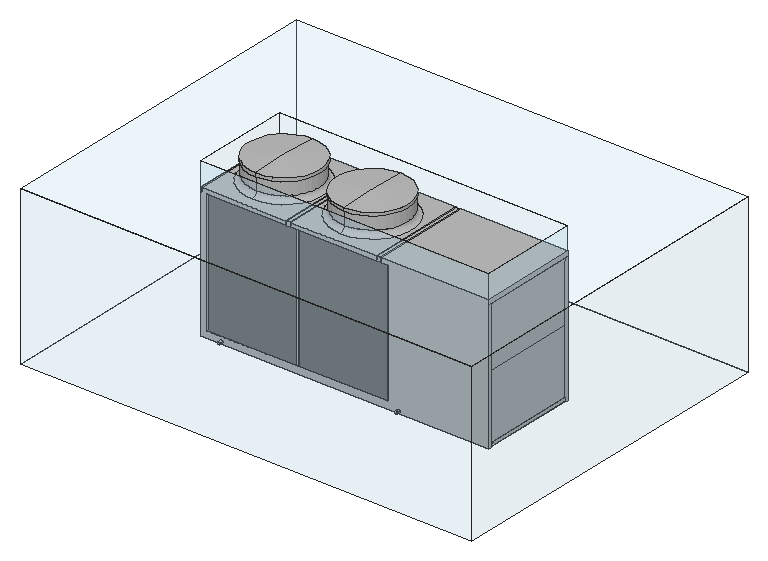
Revit family "VIESSMANN - Energycal AW Pro MT", category Wyposażenie mechaniczne, Revit 2017
Family settings
  Wymiar okrągłego złącza = Użyj średnicy
  Typ części = Normalny
  Numer OmniClass = 23.75.10.21.11
  Tytuł OmniClass = Air-Source Heat Pumps
  Oparty na płaszczyźnie roboczej = Nie
  Zawsze pionowo = Tak
  Tnij formami wycięć po wczytaniu = Nie
  Współdzielony = Nie
  Punkt obliczania pomieszczeń = Nie
Parameters (values of type "Wielkość jednostki - 95")
  Zasilanie pomocnicze (V/ph/Hz) = "230/1~/50+5%"
  Zasilanie elektryczne (V/ph/Hz) = "400/3~/50+5%"
  Wysokość jednostki SLN = 1912 mm
  Wysokość = 1912 mm
  Współczynnik mocy = 1
  Współczynnik efektywności [COP] (A7W45) = 3.38
  Viessmann Kolor 2 = Viessmann Kolor 3
  Viessmann Kolor 1 = Viessmann Kolor 2
  URL = "https://www.viessmann-projektant.pl/baza-urzadzen/pompy-ciepla-powietrzewoda-agregaty-wl-50-kw/energycal"
  Typ wymiennika po stronie grzewczej = "Płytowy"
  Typ wentylatora = "Osiowy"
  Typ sprężarki = "Spiralna"
  TYP = AW PRO MT : AW PRO MT 95-160
  Strefa serwisowa [instance] = yes
  Stopień wydajności = "2"
  Spadek ciśnienia wody (A7W45) = 41.0 kPa
  Robocza wysokość podnoszenia pompy (A7W45) = 178.0 kPa
  Prąd nominalny wentylatora = 3.9 A
  Prąd nominalny silnika pompy obiegowej = 4.98 A
  Przepływ powietrza = 44000.0 m³/h
  Producent = "Viessmann Sp. z o.o"  # constant formula
  Połączenia hydrauliczne = 2 1/2"
  Poziom mocy akustycznej dB(A) = 84 mm
  Poziom mocy akustycznej - wersja super cicha SLN dB(A) = 79 mm
  Poziom mocy akustycznej - wersja cicha LN dB(A) = 82 mm
  Poziom ciśnienia akustycznego dB(A) = 56 mm
  Poziom ciśnienia akustycznego - wersja super cicha SLN dB(A) = 51 mm
  Poziom ciśnienia akustycznego - wersja cicha LN dB(A) = 54 mm
  Pojemność zbiornika magazynowego = 200.00 m³
  Pojemność wodna = 6.20 m³
  Pobór mocy elektrycznej (A7W45) = 27.7 kW
  Opis = "Energycal AW Pro MT jest serią pomp ciepła o zakresie mocy od 94 do 244 kW w grupie R410A, z dwoma odrębnymi obiegami czynnika chłodniczego w celu zmaksymalizowania niezawodności."  # constant formula
  Obciążenie pozorne = Maksymalna moc pobierania / Współczynnik mocy  # 39000 VA
  Nominalna moc pompy = 1.9 kW
  Nominalna moc grzewcza (A7W45) = 93.7 kW
  Natężenie przepływu wody (A7W45) l/h = 15883
  Natężenie przepływu wody (A7W45) = [Natężenie przepływu wody (A7W45) l/h] / 3600 * 1.0 L/s  # 4.41194 L/s
  Napięcie zasilania = 400 V
  Naczynie wzbiorcze = 18.00 m³
  Model pompy = "P1"
  Model = "Powietrzna pompa ciepła Energycal AW PRO MT / Air-water heat pump Energycal AW PRO MT "  # constant formula
  Moc nominalna wentylatora = 1.6 kW
  Moc nominalna silnika pompy obiegowej = 1.85 kW
  Maksymalny prąd rozruchowy z układem Soft-Starter = 128.4 A
  Maksymalny prąd rozruchowy = 214 A
  Maksymalny pobór prądu = 68.2 A
  Maksymalna moc pobierania = 39 kW
  Liczba wentylatorów = 2
  Liczba biegunów = 3  # constant formula
  Klasa efektywności (A7W45) = "A"
  Ilość/Obiegi chłodnicze sprężarki (nr/nr) = "2/2"
  Głębokość jednostki SLN = 1208 mm
  Głębokość = 1208 mm
  Długość jednostki SLN = 3508 mm
  Długość = 3508 mm
  Częstotliwość = 50 Hz  # constant formula
  Ciężar w czasie pracy jednostki SLN = 1175.00 kg
  Ciężar w czasie pracy = 966.00 kg
  Ciężar transportowy jednostki SLN = 1167.00 kg
  Ciężar transportowy = 960.00 kg
  Całkowite napełnienie olejem = 5.40 kg
  Całkowite napełnienie czynnikiem chłodniczym = 30.80 kg
  Autor = "www.archispace.pl"
Types (11, lengths in mm): name | Wysokość jednostki SLN | Współczynnik efektywności [COP] (A7W45) | TYP | Spadek ciśnienia wody (A7W45) | Robocza wysokość podnoszenia pompy (A7W45) | Prąd nominalny silnika pompy obiegowej | Przepływ powietrza | Poziom mocy akustycznej dB(A) | Poziom mocy akustycznej - wersja super cicha SLN dB(A) | Poziom mocy akustycznej - wersja cicha LN dB(A) | Poziom ciśnienia akustycznego dB(A) | Poziom ciśnienia akustycznego - wersja super cicha SLN dB(A) | Poziom ciśnienia akustycznego - wersja cicha LN dB(A) | Pojemność zbiornika magazynowego | Pojemność wodna | Pobór mocy elektrycznej (A7W45) | Obciążenie pozorne | Nominalna moc pompy | Nominalna moc grzewcza (A7W45) | Natężenie przepływu wody (A7W45) l/h | Natężenie przepływu wody (A7W45) | Model pompy | Moc nominalna silnika pompy obiegowej | Maksymalny prąd rozruchowy z układem Soft-Starter | Maksymalny prąd rozruchowy | Maksymalny pobór prądu | Maksymalna moc pobierania | Liczba wentylatorów | Głębokość jednostki SLN | Długość jednostki SLN | Długość | Ciężar w czasie pracy jednostki SLN | Ciężar w czasie pracy | Ciężar transportowy jednostki SLN | Ciężar transportowy | Całkowite napełnienie olejem | Całkowite napełnienie czynnikiem chłodniczym
  Wielkość jednostki - 95 | 1912 | 3.38 | AW PRO MT : AW PRO MT 95-160 | 41.0 kPa | 178.0 kPa | 4.98 A | 44000.0 m³/h | 84 | 79 | 82 | 56 | 51 | 54 | 200.00 m³ | 6.20 m³ | 27.7 kW | 39000 VA | 1.9 kW | 93.7 kW | 15883 | 4.41194 L/s | "P1" | 1.85 kW | 128.4 A | 214 A | 68.2 A | 39 kW | 2 | 1208 | 3508 | 3508 | 1175.00 kg | 966.00 kg | 1167.00 kg | 960.00 kg | 5.40 kg | 30.80 kg
  Wielkość jednostki - 110 | 1912 | 3.3 | AW PRO MT : AW PRO MT 95-160 | 44.0 kPa | 164.0 kPa | 4.98 A | 44000.0 m³/h | 84 | 79 | 82 | 56 | 51 | 54 | 200.00 m³ | 7.30 m³ | 33.4 kW | 47100 VA | 1.9 kW | 110.3 kW | 18721 | 5.20028 L/s | "P1" | 1.85 kW | 148.8 A | 248 A | 82 A | 47.1 kW | 2 | 1208 | 3508 | 3508 | 1374.00 kg | 1110.00 kg | 1365.00 kg | 1103.00 kg | 8.00 kg | 36.30 kg
  Wielkość jednostki - 130 | 1912 | 3.25 | AW PRO MT : AW PRO MT 95-160 | 43.0 kPa | 152.0 kPa | 4.98 A | 44000.0 m³/h | 84 | 79 | 82 | 56 | 51 | 54 | 200.00 m³ | 8.40 m³ | 39.1 kW | 55200 VA | 1.9 kW | 126.9 kW | 21560 | 5.98889 L/s | "P1" | 1.85 kW | 148.8 A | 248 A | 82 A | 55.2 kW | 2 | 1208 | 3508 | 3508 | 1390.00 kg | 1175.00 kg | 1380.00 kg | 1167.00 kg | 10.60 kg | 41.80 kg
  Wielkość jednostki - 145 | 1912 | 3.31 | AW PRO MT : AW PRO MT 95-160 | 44.0 kPa | 138.0 kPa | 4.98 A | 44000.0 m³/h | 84 | 79 | 82 | 56 | 51 | 54 | 200.00 m³ | 9.30 m³ | 42.6 kW | 61200 VA | 1.9 kW | 140.8 kW | 23961 | 6.65583 L/s | "P1" | 1.85 kW | 157.1 A | 261.8 A | 104.8 A | 61.2 kW | 2 | 1208 | 4608 | 3508 | 1597.00 kg | 1374.00 kg | 1585.00 kg | 1365.00 kg | 10.60 kg | 46.40 kg
  Wielkość jednostki - 160 | 1912 | 3.36 | AW PRO MT : AW PRO MT 95-160 | 43.0 kPa | 126.0 kPa | 4.98 A | 44000.0 m³/h | 84 | 79 | 82 | 56 | 51 | 54 | 200.00 m³ | 10.20 m³ | 46.1 kW | 67200 VA | 1.9 kW | 154.8 kW | 26363 | 7.32306 L/s | "P1" | 1.85 kW | 130.7 A | 217.8 A | 113.8 A | 67.2 kW | 2 | 1208 | 4608 | 3508 | 1613.00 kg | 1390.00 kg | 1600.00 kg | 1380.00 kg | 10.60 kg | 51.10 kg
  Wielkość jednostki - 180 | 1912 | 3.52 | AW PRO MT : AW PRO MT 180-220 | 45.0 kPa | 141.0 kPa | 4.78 A | 66000.0 m³/h | 86 | 81 | 84 | 58 | 53 | 56 | 400.00 m³ | 11.60 m³ | 53.1 kW | 75800 VA | 2.2 kW | 176.2 kW | 30046 | 8.34611 L/s | "P2" | 2.2 kW | 211 A | 351.7 A | 130.7 A | 75.8 kW | 2 | 1208 | 4608 | 4608 | 1624.00 kg | 1597.00 kg | 1610.00 kg | 1585.00 kg | 10.60 kg | 58.20 kg
  Wielkość jednostki - 200 | 1912 | 3.38 | AW PRO MT : AW PRO MT 180-220 | 43.0 kPa | 127.0 kPa | 4.78 A | 66000.0 m³/h | 86 | 81 | 84 | 58 | 53 | 56 | 400.00 m³ | 13.10 m³ | 58.4 kW | 82800 VA | 2.2 kW | 197.6 kW | 33730 | 9.36944 L/s | "P2" | 2.2 kW | 218.8 A | 364.7 A | 143.7 A | 82.8 kW | 3 | 1208 | 4608 | 4608 | 1664.00 kg | 1613.00 kg | 1650.00 kg | 1600.00 kg | 10.60 kg | 65.40 kg
  Wielkość jednostki - 210 | 1912 | 3.37 | AW PRO MT : AW PRO MT 180-220 | 41.0 kPa | 122.0 kPa | 4.78 A | 66000.0 m³/h | 86 | 81 | 84 | 58 | 53 | 56 | 400.00 m³ | 13.70 m³ | 61.6 kW | 87800 VA | 2.2 kW | 207.4 kW | 35409 | 9.83583 L/s | "P2" | 2.2 kW | 218.8 A | 364.7 A | 153.7 A | 87.8 kW | 3 | 1208 | 5708 | 4608 | 1835.00 kg | 1624.00 kg | 1820.00 kg | 1610.00 kg | 10.60 kg | 68.60 kg
  Wielkość jednostki - 220 | 1912 | 3.36 | AW PRO MT : AW PRO MT 180-220 | 43.0 kPa | 112.0 kPa | 4.78 A | 66000.0 m³/h | 86 | 81 | 84 | 58 | 53 | 56 | 400.00 m³ | 14.40 m³ | 64.7 kW | 92800 VA | 2.2 kW | 217.1 kW | 37089 | 10.3025 L/s | "P2" | 2.2 kW | 212.8 A | 354.7 A | 163.7 A | 92.8 kW | 3 | 1208 | 5708 | 4608 | 1886.00 kg | 1664.00 kg | 1870.00 kg | 1650.00 kg | 10.60 kg | 71.90 kg
  Wielkość jednostki - 235 | 0 | 3.34 | AW PRO MT : AW PRO MT 235-250 | 40.0 kPa | 151.0 kPa | 4.78 A | 88000.0 m³/h | 89 | 0 | 87 | 61 | 0 | 59 | 400.00 m³ | 15.30 m³ | 68.9 kW | 92800 VA | 3 kW | 230.4 kW | 39364 | 10.9344 L/s | "P3" | 2.2 kW | 212.8 A | 354.7 A | 163.7 A | 92.8 kW | 4 | 0 | 0 | 5708 | 0.00 kg | 1835.00 kg | 0.00 kg | 1810.00 kg | 10.60 kg | 76.30 kg
  Wielkość jednostki - 250 | 0 | 3.51 | AW PRO MT : AW PRO MT 235-250 | 43.0 kPa | 151.0 kPa | 4.78 A | 88000.0 m³/h | 89 | 0 | 87 | 61 | 0 | 59 | 400.00 m³ | 16.10 m³ | 71.4 kW | 92800 VA | 3 kW | 243.6 kW | 41639 | 11.5664 L/s | "P3" | 2.2 kW | 212.8 A | 354.7 A | 163.7 A | 92.8 kW | 4 | 0 | 0 | 5708 | 0.00 kg | 1835.00 kg | 0.00 kg | 1810.00 kg | 10.60 kg | 80.70 kg
Reference planes
  plane 1 "Środek (Przód/Tył)": y = 0
  plane 2: z = 0
  plane 3 "Środek (Lewa/Prawa)": x = 0
  plane 4: y = -1208
  plane 5: x = 2754
  plane 6: y = 1500
  plane 7: y = -2708
  plane 8: x = 1754
  plane 9: x = -2754
  plane 10: x = -1754
  plane 11: y = -604
  plane 12: z = 1337
  plane 13: z = 945.243
Forms (mm)
  Extrusion 1, solid, material "Viessmann Strefy Serwisowe", visible <- "Strefa serwisowa"
    sketch origin (0, 0, 0) x (1, 0, 0) y (0, 0, 1)
      loop
        line (-1754, 1912) -> (-2754, 1912) -> (-2754, 0) -> (-1754, 0) -> (-1754, 1912)
      loop
        line (2754, 1912) -> (1754, 1912) -> (1754, 0) -> (2754, 0) -> (2754, 1912)
    from 0 to 1208
  Extrusion 2, solid, material "Viessmann Strefy Serwisowe", visible <- "Strefa serwisowa"
    sketch origin (0, 0, 0) x (1, 0, 0) y (0, 1, 0)
      loop
        line (-2754, 0) -> (2754, 0) -> (2754, 1500) -> (-2754, 1500) -> (-2754, 0)
      loop
        line (2754, -2708) -> (2754, -1208) -> (-2754, -1208) -> (-2754, -2708) -> (2754, -2708)
    from 0 to 1912
  Extrusion 3, solid, not visible
    sketch origin (0, 0, 0) x (0, 1, 0) y (0, 0, 1)
      loop
        circle (-604, 524) r 45
      loop
        circle (-604, 187) r 45
    from -1754 to -1683.52
  Extrusion 4, solid, not visible
    sketch origin (1754, -1208, 1630) x (0, 0, -1) y (0, 1, 0)
      loop
        circle (293, 604) r 45
      loop
        circle (684.757, 604) r 50
    from -401.823 to 0
Cuts and joins
  joined: Extrusion 1, Extrusion 2
Dimensions and locks
  locked: plane 1 "Środek (Przód/Tył)" to plane 6 at 1500
  plane 4 to plane 7 = 1500 mm
  locked: plane 8 to plane 5 at 1000
  locked: plane 9 to plane 10 at 1000
  plane 10 to plane 9 = 1000 mm
  "Długość": plane 10 to plane 8
  locked: Extrusion 3 to Extrusion 3 at 70.48
  locked: plane 8 to Extrusion 4 at 401.823
  equal spacing: plane 1 "Środek (Przód/Tył)", plane 11, plane 4
  locked: plane 13 to plane 2 at 945.243
  locked: plane 12 to plane 2 at 1337
  aligned and locked: level to plane 2
  aligned and locked: Extrusion 3 to plane 10
  aligned and locked: plane 8 to Extrusion 4
  aligned and locked: plane 11 to Extrusion 4 sketch curve  (x2)
  aligned and locked: plane 12 to Extrusion 4 sketch curve
  aligned and locked: plane 13 to Extrusion 4 sketch curve
Automatic sketch dimensions
  Extrusion 1 sketch curve to plane 9 = 0 mm
  Extrusion 1 sketch curve to level = 0 mm  (x2)
  Extrusion 1 sketch curve to plane 10 = 0 mm
  Extrusion 1 sketch curve to plane 8 = 0 mm
  Extrusion 1 sketch curve to plane 5 = 0 mm
  level to Extrusion 1 sketch curve = 1912 mm  (x2)
  Extrusion 2 sketch curve to plane 1 "Środek (Przód/Tył)" = 0 mm
  Extrusion 2 sketch curve to plane 9 = 0 mm  (x2)
  Extrusion 2 sketch curve to plane 7 = 0 mm
  Extrusion 2 sketch curve to plane 5 = 0 mm  (x2)
  Extrusion 2 sketch curve to plane 4 = 0 mm
  Extrusion 2 sketch curve to plane 6 = 0 mm
  level to Extrusion 3 sketch curve = 187 mm
  plane 1 "Środek (Przód/Tył)" to Extrusion 3 sketch curve = 604 mm
  Extrusion 3 sketch curve to Extrusion 3 sketch curve = 337 mm
  Extrusion 3 sketch curve to Extrusion 3 sketch curve = 45 mm  (x2)
  Extrusion 3 sketch curve to Extrusion 3 sketch curve = 0 mm
  Extrusion 3 sketch curve to plane 11 = 0 mm
  radius of Extrusion 4 sketch curve = 45 mm
  radius of Extrusion 4 sketch curve = 50 mm
Nested families
  nested 1: "AW PRO MT" at (0, 30, 0), type <- "TYP", type "AW PRO MT 95-160"
Connectors
  piping at (-1754, -604, 524), diameter 63.5, driven by "Połączenia hydrauliczne", driven by "Natężenie przepływu wody (A7W45)"
    settings: on Extrusion 3, index 7, connector inside diameter 24", connector length 0 mm, flow factor 0, pipe flow 4.41194 L/s, pressure drop 0.0 Pa, fitting loss kfactor 0, connector angle 0.00°, fixture units 0, engagement length 0 mm, angle of deflection 0.00°, flow configuration 1, flow direction 1, fitting loss method 0, system type 8, joint type 0, gender type 0, connector reference index -1, connector utility 0, adjustable connector no, is connector primary yes, connector description ""
  piping at (-1754, -604, 187), diameter 63.5, driven by "Natężenie przepływu wody (A7W45)", driven by "Połączenia hydrauliczne"
    settings: on Extrusion 3, index 8, connector inside diameter 24", connector length 0 mm, flow factor 0, pipe flow 4.41194 L/s, pressure drop 0.0 Pa, fitting loss kfactor 0, connector angle 0.00°, fixture units 0, engagement length 0 mm, angle of deflection 0.00°, flow configuration 1, flow direction 1, fitting loss method 0, system type 8, joint type 0, gender type 0, connector reference index -1, connector utility 0, adjustable connector no, is connector primary no, connector description ""
  electrical at (1754, -604, 945.243)
    settings: on Extrusion 4, index 9, voltage 0 V, apparent load 0 VA, apparent load phase1 0 VA, apparent load phase2 0 VA, apparent load phase3 0 VA, power factor 1, load classification "Inne", number of poles 1, system type 13, power factor state 1, is connector primary yes, connector utility no, sub classification motor no, connector description ""
  electrical at (1754, -604, 1337), driven by "Liczba biegunów", driven by "Napięcie zasilania", driven by "Pobór mocy elektrycznej (A7W45)", driven by "Współczynnik mocy"
    settings: on Extrusion 4, index 10, voltage 400 V, apparent load 27700 VA, apparent load phase1 0 VA, apparent load phase2 0 VA, apparent load phase3 0 VA, power factor 1, load classification "Inne", number of poles 3, system type 30, power factor state 1, is connector primary no, connector utility no, sub classification motor no, connector description ""
Definition of nested family "AW PRO MT"
  Parameters (values of type "AW PRO MT 180-220")
    Wysokość = 1912 mm
    URL = ""
    Szerokość = 1208 mm
    Manufacturer = ""
    Podłączenie Uout wysokość = 524 mm
    Podłączenie Uin wysokość = 187 mm
    Podłączenie Rout wysokość = 1337 mm
    Podłączenie Rin wysokość = 947 mm
    Description = ""
    Model = ""
    Materiał2 = none
    Materiał = none
    Długość = 4608 mm
    DWS = no
    4 = no
    3 = yes
  Types (3, lengths in mm): name | Długość | 4 | 3
    AW PRO MT 235-250 | 5708 | yes | yes
    AW PRO MT 95-160 | 3508 | no | no
    AW PRO MT 180-220 | 4608 | no | yes
  Reference planes
    plane 1 "Środek (Przód/Tył)": y = -30
    plane 2: z = 0
    plane 3 "Środek (Lewa/Prawa)": x = 0
    plane 4: y = -1238
    plane 5: z = 1630
    plane 6: x = 1754
    plane 7: x = 1714
    plane 8: z = 1912
    plane 9: y = -634
    plane 10: y = -634
    plane 11: x = -2854
    plane 12: x = -2863.898
    plane 13: x = -2851.5
    plane 14: x = -2776.52
    plane 15: y = -634
    plane 16: y = -634
    plane 17: x = -1706.52
    plane 18: x = -591.52
    plane 19: x = -2821.52
  Forms (mm)
    Extrusion 1, solid, material <- "Materiał", detail levels fine
      sketch origin (0, -734, 0) x (1, 0, 0) y (0, 1, 0)
        loop
          line (-2854, 704) -> (-2854, -504) -> (1754, -504) -> (1754, 704) -> (-2854, 704)
      from 0 to 1630
    Extrusion 2, void
      sketch origin (0, -734, 0) x (1, 0, 0) y (0, 1, 0)
        loop
          line (1754, 664) -> (-2854, 664) -> (-2854, -464) -> (1754, -464) -> (1754, 664)
      from 0 to 20
    Extrusion 3, solid, material <- "Materiał", detail levels coarse
      sketch origin (0, 0, 0) x (1, 0, 0) y (0, 1, 0)
        loop
          line (-2854, -30) -> (-2854, -1238) -> (1754, -1238) -> (1754, -30) -> (-2854, -30)
      from 0 to 1630
    Extrusion 4, solid, material <- "Materiał", detail levels medium
      sketch origin (0, -30, 0) x (1, 0, 0) y (0, 0, 1)
        loop
          line (-2854, 1630) -> (-2854, 0) -> (1754, 0) -> (1754, 1630) -> (-2854, 1630)
      from 0 to 1208
    Extrusion 5, void
      sketch origin (1375.5, -1104, 0) x (0, 1, 0) y (0, 0, 1)
        loop
          line (-94, 0) -> (-87, 0) -> (-87, 50.017) -> (1027, 50.017) -> (1027, 0) -> (1034, 0) -> (1034, 1569.991) -> (1074, 1569.991) -> (1074, 1576.991) -> (-134, 1576.991) -> (-134, 1569.991) -> (-94, 1569.991) -> (-94, 0)
        loop
          line (1027, 1569.991) -> (-87, 1569.991) -> (-87, 850) -> (1027, 850) -> (1027, 1569.991)
        loop
          line (1027, 843) -> (-87, 843) -> (-87, 57.017) -> (1027, 57.017) -> (1027, 843)
      from 375.98 to 378.5
    Revolve 6, solid, material <- "Materiał", detail levels medium
      sketch origin (-1220, 0, 0) x (0, 1, 0) y (0, 0, 1)
        loop
          line (-634, 1630) -> (-634, 1912) -> (-1065, 1912) -> (-1065, 1855) -> (-1055, 1855) -> (-1055, 1695) -> (-1113.526, 1630) -> (-634, 1630)
        axis (-634, 1912) -> (-634, 1630)
      angle from 0 to 360
    Revolve 7, solid, material <- "Materiał", detail levels fine
      sketch origin (-1220, 0, 0) x (0, 1, 0) y (0, 0, 1)
        loop
          line (-634, 1630) -> (-154.474, 1630)
          arc (-154.474, 1630) -> (-196.212, 1651.267) -> (-213, 1695) r 65.358
          line (-213, 1695) -> (-213, 1855) -> (-203, 1855) -> (-203, 1891.456)
          arc (-203, 1891.456) -> (-418.181, 1908.421) -> (-634, 1912) r 3476.293
          line (-634, 1912) -> (-634, 1630)
        axis (-634, 1912) -> (-634, 1630)
      angle from 0 to 360
    Extrusion 8, solid, material <- "Materiał", detail levels coarse
      sketch origin (-145.176, 0, 0) x (-1, 0, 0) y (0, -1, 0)
        loop
          circle (0, 634) r 480
      from 1630 to 1912
    Revolve 9, solid, material <- "Materiał", detail levels medium
      sketch origin (-145.176, 0, 0) x (0, 1, 0) y (0, 0, 1)
        loop
          line (-634, 1630) -> (-634, 1912) -> (-1065, 1912) -> (-1065, 1855) -> (-1055, 1855) -> (-1055, 1695) -> (-1113.526, 1630) -> (-634, 1630)
        axis (-634, 1912) -> (-634, 1630)
      angle from 0 to 360
    Revolve 10, solid, material <- "Materiał", detail levels fine
      sketch origin (-145.176, 0, 0) x (0, 1, 0) y (0, 0, 1)
        loop
          line (-634, 1630) -> (-154.474, 1630)
          arc (-154.474, 1630) -> (-196.212, 1651.267) -> (-213, 1695) r 65.358
          line (-213, 1695) -> (-213, 1855) -> (-203, 1855) -> (-203, 1891.456)
          arc (-203, 1891.456) -> (-418.181, 1908.421) -> (-634, 1912) r 3476.293
          line (-634, 1912) -> (-634, 1630)
        axis (-634, 1912) -> (-634, 1630)
      angle from 0 to 360
    Extrusion 11, void
      sketch origin (0, -30, 0) x (1, 0, 0) y (0, 0, 1)
        loop
          line (-702.588, 1630) -> (-712.588, 1630) -> (-712.588, 1627.5) -> (-702.588, 1627.5) -> (-702.588, 1630)
        loop
          line (387.236, 1630) -> (387.236, 1627.5) -> (397.236, 1627.5) -> (397.236, 1630) -> (387.236, 1630)
        loop
          line (447.588, 1630) -> (437.588, 1630) -> (437.588, 1627.5) -> (447.588, 1627.5) -> (447.588, 1630)
        loop
          line (-652.412, 1630) -> (-662.412, 1630) -> (-662.412, 1627.5) -> (-652.412, 1627.5) -> (-652.412, 1630)
        loop
          line (-1782.588, 1630) -> (-1792.588, 1630) -> (-1792.588, 1627.5) -> (-1782.588, 1627.5) -> (-1782.588, 1630)
        loop
          line (-1732.412, 1630) -> (-1742.412, 1630) -> (-1742.412, 1627.5) -> (-1732.412, 1627.5) -> (-1732.412, 1630)
        loop
          line (-2852.588, 1630) -> (-2862.588, 1630) -> (-2862.588, 1627.5) -> (-2852.588, 1627.5) -> (-2852.588, 1630)
        loop
          line (-2802.412, 1630) -> (-2812.412, 1630) -> (-2812.412, 1627.5) -> (-2802.412, 1627.5) -> (-2802.412, 1630)
      from 0 to 1208
    Extrusion 12, void
      sketch origin (0, -30, 0) x (1, 0, 0) y (0, 0, 1)
        loop
          line (523.48, 1576.991) -> (-2776.52, 1576.991) -> (-2776.52, 90.017) -> (523.48, 90.017) -> (523.48, 1576.991)
      from 1188 to 1208
    Extrusion 13, solid, material <- "Materiał2", detail levels fine
      sketch origin (0, -30, 0) x (1, 0, 0) y (0, 0, 1)
        loop
          line (-2776.52, 1576.991) -> (-2776.52, 90.017) -> (523.48, 90.017) -> (523.48, 1576.991) -> (-2776.52, 1576.991)
      from 1188 to 1204
    Extrusion 14, void
      sketch origin (677.48, 345.98, 0) x (1, 0, 0) y (0, 0, 1)
        loop
          line (-94, 7) -> (-94, 1569.991) -> (-147, 1569.991) -> (-147, 850) -> (-147, 7) -> (-94, 7)
        loop
          line (1034, 0) -> (1034, 1569.991) -> (1076.448, 1569.991) -> (1076.448, 1576.991) -> (-154, 1576.991) -> (-154, 90.017) -> (-3454, 90.017) -> (-3454, 1576.991) -> (-3531.48, 1576.991) -> (-3531.48, 1569.991) -> (-3461, 1569.991) -> (-3461, 0) -> (-3454, 0) -> (-3454, 83.017) -> (-154, 83.017) -> (-154, 0) -> (-117, 0) -> (-87, 0) -> (-87, 50.017) -> (1027, 50.017) -> (1027, 0) -> (1034, 0)
        loop
          line (1027, 1569.991) -> (-87, 1569.991) -> (-87, 850) -> (1027, 850) -> (1027, 1569.991)
        loop
          line (1027, 843) -> (-87, 843) -> (-87, 57.017) -> (1027, 57.017) -> (1027, 843)
      from 375.98 to 378.5
    Extrusion 15, solid, material <- "Materiał", detail levels fine
      sketch origin (0, 0, 0) x (0, 1, 0) y (0, 0, 1)
        loop
          circle (-634, 524) r 45
        loop
          circle (-634, 187) r 45
      from -2863.898 to -2854
    Extrusion 16, void
      sketch origin (0, 0, 0) x (1, 0, 0) y (0, 1, 0)
        loop
          line (-712.588, -1238) -> (-702.588, -1238) -> (-702.588, -1233) -> (-712.588, -1233) -> (-712.588, -1238)
        loop
          line (387.412, -1238) -> (397.412, -1238) -> (397.412, -1233) -> (387.412, -1233) -> (387.412, -1238)
        loop
          line (437.412, -1238) -> (447.412, -1238) -> (447.412, -1233) -> (437.412, -1233) -> (437.412, -1238)
        loop
          line (-662.588, -1238) -> (-652.588, -1238) -> (-652.588, -1233) -> (-662.588, -1233) -> (-662.588, -1238)
        loop
          line (-1792.588, -1238) -> (-1782.588, -1238) -> (-1782.588, -1233) -> (-1792.588, -1233) -> (-1792.588, -1238)
        loop
          line (-1742.588, -1238) -> (-1732.588, -1238) -> (-1732.588, -1233) -> (-1742.588, -1233) -> (-1742.588, -1238)
        loop
          line (-2862.588, -1238) -> (-2852.588, -1238) -> (-2852.588, -1233) -> (-2862.588, -1233) -> (-2862.588, -1238)
        loop
          line (-2812.588, -1238) -> (-2802.588, -1238) -> (-2802.588, -1233) -> (-2812.588, -1233) -> (-2812.588, -1238)
      from 1576.991 to 1630
    Extrusion 17, void
      sketch origin (0, -1268, 0) x (1, 0, 0) y (0, 1, 0)
        loop
          line (-712.588, 1238) -> (-712.588, 1233) -> (-702.588, 1233) -> (-702.588, 1238) -> (-712.588, 1238)
        loop
          line (387.412, 1238) -> (387.412, 1233) -> (397.412, 1233) -> (397.412, 1238) -> (387.412, 1238)
        loop
          line (437.412, 1238) -> (437.412, 1233) -> (447.412, 1233) -> (447.412, 1238) -> (437.412, 1238)
        loop
          line (-662.412, 1238) -> (-662.412, 1233) -> (-652.412, 1233) -> (-652.412, 1238) -> (-662.412, 1238)
        loop
          line (-1792.588, 1238) -> (-1792.588, 1233) -> (-1782.588, 1233) -> (-1782.588, 1238) -> (-1792.588, 1238)
        loop
          line (-1742.412, 1238) -> (-1742.412, 1233) -> (-1732.412, 1233) -> (-1732.412, 1238) -> (-1742.412, 1238)
        loop
          line (-2862.588, 1238) -> (-2862.588, 1233) -> (-2852.588, 1233) -> (-2852.588, 1238) -> (-2862.588, 1238)
        loop
          line (-2812.412, 1238) -> (-2812.412, 1233) -> (-2802.412, 1233) -> (-2802.412, 1238) -> (-2812.412, 1238)
      from 1576.991 to 1630
    Extrusion 18, solid, material <- "Materiał", detail levels fine
      sketch origin (0, -1238, 0) x (1, 0, 0) y (0, 0, -1)
        loop
          circle (657.54, -29.398) r 15
        loop
          circle (-2602.46, -29.398) r 15
      from -33.185 to 0.02
    Extrusion 19, solid, material <- "Materiał", detail levels fine
      sketch origin (0, -30, 0) x (1, 0, 0) y (0, 0, 1)
        loop
          circle (657.54, 29.398) r 15
        loop
          circle (-2602.46, 29.398) r 15
      from -33.185 to 0.02
    Extrusion 20, void
      sketch origin (0, -1238, 0) x (1, 0, 0) y (0, 0, -1)
        loop
          line (523.48, -1576.991) -> (523.48, -90.017) -> (-2776.52, -90.017) -> (-2776.52, -1576.991) -> (523.48, -1576.991)
      from 1188 to 1208
    Extrusion 21, solid, material <- "Materiał2", detail levels fine
      sketch origin (0, -1238, 0) x (1, 0, 0) y (0, 0, -1)
        loop
          line (-2776.52, -1576.991) -> (523.48, -1576.991) -> (523.48, -90.017) -> (-2776.52, -90.017) -> (-2776.52, -1576.991)
      from 1188 to 1204
    Extrusion 22, solid, material <- "Materiał", detail levels fine
      sketch origin (0, 0, 0) x (1, 0, 0) y (0, 1, 0)
        loop
          line (-576.52, -1218) -> (-591.52, -1218) -> (-591.52, -1235.5) -> (-561.52, -1235.5) -> (-561.52, -1218) -> (-576.52, -1218)
        loop
          line (-576.52, -50) -> (-561.52, -50) -> (-561.52, -32.5) -> (-591.52, -32.5) -> (-591.52, -50) -> (-576.52, -50)
      from 90.017 to 1576.991
    Extrusion 23, solid, material <- "Materiał", visible <- "3", detail levels fine
      sketch origin (-1100, 0, 0) x (1, 0, 0) y (0, 1, 0)
        loop
          line (-1676.52, -1218) -> (-1691.52, -1218) -> (-1691.52, -1235.5) -> (-1661.52, -1235.5) -> (-1661.52, -1218) -> (-1676.52, -1218)
        loop
          line (-1676.52, -50) -> (-1661.52, -50) -> (-1661.52, -32.5) -> (-1691.52, -32.5) -> (-1691.52, -50) -> (-1676.52, -50)
      from 90.017 to 1576.991
    Extrusion 24, solid, material <- "Materiał", visible <- "4", detail levels fine
      sketch origin (-22.602, 0, 0) x (1, 0, 0) y (0, 1, 0)
        loop
          line (-2783.918, -1218) -> (-2798.918, -1218) -> (-2798.918, -1235.5) -> (-2768.918, -1235.5) -> (-2768.918, -1218) -> (-2783.918, -1218)
        loop
          line (-2783.918, -50) -> (-2768.918, -50) -> (-2768.918, -32.5) -> (-2798.918, -32.5) -> (-2798.918, -50) -> (-2783.918, -50)
      from 90.017 to 1576.991
    Extrusion 25, solid, material <- "Materiał", detail levels coarse
      sketch origin (-1220, 0, 0) x (-1, 0, 0) y (0, -1, 0)
        loop
          circle (0, 634) r 480
      from 1630 to 1912
    Revolve 26, solid, material <- "Materiał", visible <- "3", detail levels fine
      sketch origin (-2294.8, 0, 0) x (0, 1, 0) y (0, 0, 1)
        loop
          line (-634, 1630) -> (-154.474, 1630)
          arc (-154.474, 1630) -> (-196.212, 1651.267) -> (-213, 1695) r 65.358
          line (-213, 1695) -> (-213, 1855) -> (-203, 1855) -> (-203, 1891.456)
          arc (-203, 1891.456) -> (-418.181, 1908.421) -> (-634, 1912) r 3476.293
          line (-634, 1912) -> (-634, 1630)
        axis (-634, 1912) -> (-634, 1630)
      angle from 0 to 360
    Revolve 27, solid, material <- "Materiał", visible <- "4", detail levels fine
      sketch origin (-3369.6, 0, 0) x (0, 1, 0) y (0, 0, 1)
        loop
          line (-634, 1630) -> (-154.474, 1630)
          arc (-154.474, 1630) -> (-196.212, 1651.267) -> (-213, 1695) r 65.358
          line (-213, 1695) -> (-213, 1855) -> (-203, 1855) -> (-203, 1891.456)
          arc (-203, 1891.456) -> (-418.181, 1908.421) -> (-634, 1912) r 3476.293
          line (-634, 1912) -> (-634, 1630)
        axis (-634, 1912) -> (-634, 1630)
      angle from 0 to 360
    Revolve 28, solid, material <- "Materiał", visible <- "3", detail levels medium
      sketch origin (-2294.8, 0, 0) x (0, 1, 0) y (0, 0, 1)
        loop
          line (-634, 1630) -> (-634, 1912) -> (-1065, 1912) -> (-1065, 1855) -> (-1055, 1855) -> (-1055, 1695) -> (-1113.526, 1630) -> (-634, 1630)
        axis (-634, 1912) -> (-634, 1630)
      angle from 0 to 360
    Revolve 29, solid, material <- "Materiał", visible <- "4", detail levels medium
      sketch origin (-3369.6, 0, 0) x (0, 1, 0) y (0, 0, 1)
        loop
          line (-634, 1630) -> (-634, 1912) -> (-1065, 1912) -> (-1065, 1855) -> (-1055, 1855) -> (-1055, 1695) -> (-1113.526, 1630) -> (-634, 1630)
        axis (-634, 1912) -> (-634, 1630)
      angle from 0 to 360
    Extrusion 30, solid, material <- "Materiał", visible <- "3", detail levels coarse
      sketch origin (-2269.032, -1277.493, 0) x (-1, 0, 0) y (0, -1, 0)
        loop
          circle (25.2, -634) r 480
      from 1630 to 1912
    Extrusion 31, solid, material <- "Materiał", visible <- "3", detail levels fine
      sketch origin (80, 0, 0) x (1, 0, 0) y (0, 1, 0)
        loop
          line (-1756.52, -1218) -> (-1786.52, -1218) -> (-1786.52, -1235.5) -> (-1756.52, -1235.5) -> (-1756.52, -1218)
        loop
          line (-1756.52, -50) -> (-1756.52, -32.5) -> (-1786.52, -32.5) -> (-1786.52, -50) -> (-1756.52, -50)
      from 90.017 to 1576.991
    Extrusion 32, solid, material <- "Materiał", visible <- "4", detail levels fine
      sketch origin (0, -30, 0) x (1, 0, 0) y (0, 0, 1)
        loop
          circle (-1506.53, 29.398) r 15
      from -33.185 to 0
    Extrusion 33, solid, material <- "Materiał", visible <- "4", detail levels fine
      sketch origin (0, -1238, 0) x (1, 0, 0) y (0, 0, -1)
        loop
          circle (657.54, -29.398) r 15
        loop
          circle (-2602.46, -29.398) r 15
      from -33.185 to 0
    Extrusion 34, solid, material <- "Materiał", visible <- "4", detail levels coarse
      sketch origin (-2310, 0, 0) x (-1, 0, 0) y (0, -1, 0)
        loop
          circle (0, 634) r 480
      from 1630 to 1912
  Cuts and joins
    Extrusion 2, Extrusion 5, Extrusion 11, Extrusion 12, Extrusion 14, Extrusion 16, Extrusion 17, Extrusion 20 cuts Extrusion 1
    Extrusion 17, Extrusion 20 cuts Revolve 7
    Extrusion 17, Extrusion 20 cuts Revolve 10
    joined: Extrusion 1, Revolve 7, Revolve 10, Extrusion 18, Extrusion 19, Extrusion 22
    Extrusion 14, Extrusion 17, Extrusion 20 cuts Extrusion 13
    Extrusion 17, Extrusion 20 cuts Revolve 6
    Extrusion 17, Extrusion 20 cuts Revolve 9
    joined: Extrusion 4, Revolve 6, Revolve 9
    Extrusion 17, Extrusion 20 cuts Extrusion 8
    joined: Extrusion 3, Extrusion 8
    Extrusion 17, Extrusion 20 cuts Extrusion 15
  Dimensions and locks
    locked: plane 7 to plane 6 at 40
    "Wysokość": plane 8 to level
    "Szerokość": plane 1 "Środek (Przód/Tył)" to plane 4
    plane 5 to level = 1630 mm
    locked: plane 8 to plane 5 at 282
    "Długość": plane 11 to plane 6
    "Podłączenie Uin wysokość": Extrusion 15 sketch curve to level
    "Podłączenie Uout wysokość": Extrusion 15 sketch curve to level
    locked: plane 11 to plane 12 at 9.898
    locked: plane 13 to plane 11 at 2.5
    locked: plane 14 to plane 11 at 77.48
    plane 18 to plane 17 = 1115 mm
    locked: cut or joined group 1 (Extrusion 1, Extrusion 2, Extrusion 5, Revolve 7, Revolve 10, Extrusion 11, Extrusion 12, Extrusion 14, Extrusion 16, Extrusion 17, Extrusion 18, Extrusion 19, Extrusion 20, Extrusion 22) to plane 18 at 30
    Extrusion 31 sketch curve to Extrusion 31 sketch curve = 30 mm
    locked: Extrusion 31 sketch curve to Extrusion 31 sketch curve at 30
    plane 17 to plane 19 = 1115 mm
    locked: Extrusion 24 sketch curve to Extrusion 24 sketch curve at 30  (x2)
    aligned and locked: level to plane 2
    aligned and locked: cut or joined group 1 to plane 1 "Środek (Przód/Tył)"
    aligned and locked: Extrusion 1 to plane 1 "Środek (Przód/Tył)"
    aligned and locked: plane 4 to cut or joined group 1
    aligned and locked: cut or joined group 1 to plane 5
    aligned and locked: plane 6 to cut or joined group 1
    aligned and locked: Extrusion 3 sketch curve to cut or joined group 1  (x4)
    aligned and locked: plane 5 to Extrusion 3
    aligned and locked: Extrusion 3 to level
    aligned and locked: Extrusion 4 to plane 1 "Środek (Przód/Tył)"
    aligned and locked: plane 11 to cut or joined group 1
    aligned and locked: cut or joined group 1 to Extrusion 22
    aligned and locked: Extrusion 1 to Extrusion 2
    aligned and locked: Extrusion 4 to cut or joined group 1
    aligned and locked: plane 11 to cut or joined group of Extrusion 15, Extrusion 17, Extrusion 20
    aligned and locked: cut or joined group of Extrusion 15, Extrusion 17, Extrusion 20 to plane 12
    aligned and locked: plane 14 to cut or joined group of Extrusion 13, Extrusion 14, Extrusion 17, Extrusion 20
    aligned and locked: Extrusion 1 to Extrusion 14
    aligned and locked: plane 18 to cut or joined group 1
    aligned and locked: Extrusion 31 to plane 17  (x2)
    aligned and locked: Extrusion 24 to plane 19  (x2)
    aligned and locked: Extrusion 32 to cut or joined group 1
    aligned and locked: plane 1 "Środek (Przód/Tył)" to Extrusion 32
    aligned and locked: plane 4 to Extrusion 33
    aligned and locked: Extrusion 11 to Extrusion 1
  Automatic sketch dimensions
    Extrusion 1 sketch curve to plane 4 = 0 mm
    Extrusion 1 sketch curve to plane 11 = 0 mm
    plane 1 "Środek (Przód/Tył)" to Extrusion 1 sketch curve = 0 mm
    Extrusion 1 sketch curve to plane 6 = 0 mm
    Extrusion 2 sketch curve to plane 11 = 0 mm
    Extrusion 2 sketch curve to plane 6 = 0 mm
    plane 4 to Extrusion 2 sketch curve = 40 mm
    plane 1 "Środek (Przód/Tył)" to Extrusion 2 sketch curve = 40 mm
    Extrusion 4 sketch curve to level = 0 mm
    Extrusion 4 sketch curve to plane 11 = 0 mm
    Extrusion 4 sketch curve to plane 5 = 0 mm
    Extrusion 4 sketch curve to plane 6 = 0 mm
    Extrusion 5 sketch curve to plane 4 = 0 mm
    Extrusion 5 sketch curve to level = 0 mm  (x2)
    Extrusion 5 sketch curve to plane 1 "Środek (Przód/Tył)" = 0 mm
    plane 4 to Extrusion 5 sketch curve = 40 mm
    Extrusion 5 sketch curve to Extrusion 5 sketch curve = 7 mm  (x6)
    plane 4 to Extrusion 5 sketch curve = 47 mm
    Extrusion 5 sketch curve to Extrusion 5 sketch curve = 47 mm
    Extrusion 5 sketch curve to Extrusion 5 sketch curve = 0 mm  (x3)
    level to Extrusion 5 sketch curve = 50.017 mm
    Extrusion 5 sketch curve to Extrusion 5 sketch curve = 785.983 mm
    Extrusion 5 sketch curve to plane 5 = 60.009 mm  (x2)
    Revolve 6 sketch curve to plane 5 = 0 mm  (x2)
    Revolve 6 sketch curve to plane 8 = 0 mm  (x2)
    Revolve 6 sketch curve to plane 9 = 0 mm  (x2)
    plane 5 to Revolve 6 sketch curve = 65 mm
    plane 4 to Revolve 6 sketch curve = 183 mm
    Revolve 6 sketch curve to Revolve 6 sketch curve = 10 mm
    Revolve 6 sketch curve to Revolve 6 sketch curve = 58.526 mm
    Revolve 6 sketch curve to plane 8 = 57 mm
    Revolve 7 sketch curve to plane 5 = 0 mm  (x2)
    Revolve 7 sketch curve to plane 8 = 0 mm  (x2)
    plane 1 "Środek (Przód/Tył)" to Revolve 7 sketch curve = 604 mm
    plane 1 "Środek (Przód/Tył)" to Revolve 7 sketch curve = 553.696 mm
    Revolve 7 sketch curve to plane 8 = 57 mm
    plane 1 "Środek (Przód/Tył)" to Revolve 7 sketch curve = 183 mm
    Revolve 7 sketch curve to Revolve 7 sketch curve = 10 mm
    Revolve 7 sketch curve to Revolve 7 sketch curve = 58.526 mm
    plane 5 to Revolve 7 sketch curve = 65 mm
    Revolve 7 sketch curve to level = 1563.929 mm
    Revolve 7 sketch curve to Revolve 7 sketch curve = 0 mm
    Extrusion 8 sketch curve to Extrusion 8 sketch curve = 0 mm  (x2)
    plane 3 "Środek (Lewa/Prawa)" to Extrusion 8 sketch curve = 145.176 mm
    Extrusion 8 sketch curve to plane 1 "Środek (Przód/Tył)" = 604 mm
    Extrusion 8 sketch curve to plane 4 = 124 mm
    Revolve 9 sketch curve to plane 5 = 0 mm  (x2)
    Revolve 9 sketch curve to plane 8 = 0 mm  (x2)
    Revolve 9 sketch curve to plane 10 = 0 mm  (x2)
    plane 5 to Revolve 9 sketch curve = 65 mm
    plane 4 to Revolve 9 sketch curve = 183 mm
    Revolve 9 sketch curve to Revolve 9 sketch curve = 10 mm
    Revolve 9 sketch curve to Revolve 9 sketch curve = 58.526 mm
    Revolve 9 sketch curve to plane 8 = 57 mm
    Revolve 10 sketch curve to plane 5 = 0 mm  (x2)
    Revolve 10 sketch curve to plane 8 = 0 mm  (x2)
    plane 1 "Środek (Przód/Tył)" to Revolve 10 sketch curve = 604 mm
    plane 1 "Środek (Przód/Tył)" to Revolve 10 sketch curve = 553.696 mm
    Revolve 10 sketch curve to plane 8 = 57 mm
    plane 1 "Środek (Przód/Tył)" to Revolve 10 sketch curve = 183 mm
    Revolve 10 sketch curve to Revolve 10 sketch curve = 10 mm
    Revolve 10 sketch curve to Revolve 10 sketch curve = 58.526 mm
    plane 5 to Revolve 10 sketch curve = 65 mm
    Revolve 10 sketch curve to level = 1563.929 mm
    Revolve 10 sketch curve to Revolve 10 sketch curve = 0 mm
    Extrusion 11 sketch curve to plane 5 = 0 mm  (x8)
    Extrusion 11 sketch curve to plane 19 = 41.068 mm
    Extrusion 11 sketch curve to plane 5 = 2.5 mm  (x8)
    Extrusion 11 sketch curve to Extrusion 11 sketch curve = 10 mm  (x8)
    plane 19 to Extrusion 11 sketch curve = 9.108 mm
    Extrusion 11 sketch curve to plane 17 = 86.068 mm
    Extrusion 11 sketch curve to plane 17 = 35.892 mm
    Extrusion 11 sketch curve to plane 18 = 121.068 mm
    Extrusion 11 sketch curve to Extrusion 11 sketch curve = 40.176 mm
    plane 3 "Środek (Lewa/Prawa)" to Extrusion 11 sketch curve = 387.236 mm
    Extrusion 11 sketch curve to Extrusion 11 sketch curve = 40.352 mm
    Extrusion 12 sketch curve to plane 14 = 0 mm
    level to Extrusion 12 sketch curve = 90.017 mm
    plane 3 "Środek (Lewa/Prawa)" to Extrusion 12 sketch curve = 523.48 mm
    Extrusion 12 sketch curve to plane 5 = 53.009 mm
    Extrusion 13 sketch curve to plane 14 = 0 mm
    level to Extrusion 13 sketch curve = 90.017 mm
    plane 3 "Środek (Lewa/Prawa)" to Extrusion 13 sketch curve = 523.48 mm
    Extrusion 13 sketch curve to plane 5 = 53.009 mm
    Extrusion 14 sketch curve to plane 11 = 0 mm
    Extrusion 14 sketch curve to level = 0 mm  (x3)
    Extrusion 14 sketch curve to plane 14 = 0 mm  (x2)
    Extrusion 14 sketch curve to plane 14 = 7 mm
    plane 3 "Środek (Lewa/Prawa)" to Extrusion 14 sketch curve = 523.48 mm  (x2)
    Extrusion 14 sketch curve to plane 5 = 53.009 mm
    Extrusion 14 sketch curve to Extrusion 14 sketch curve = 7 mm  (x7)
    Extrusion 14 sketch curve to Extrusion 14 sketch curve = 30 mm
    Extrusion 14 sketch curve to Extrusion 14 sketch curve = 53 mm
    Extrusion 14 sketch curve to Extrusion 14 sketch curve = 60 mm
    Extrusion 14 sketch curve to Extrusion 14 sketch curve = 0 mm  (x4)
    Extrusion 14 sketch curve to plane 7 = 9.52 mm  (x2)
    Extrusion 14 sketch curve to plane 7 = 2.52 mm
    plane 6 to Extrusion 14 sketch curve = 0.072 mm
    level to Extrusion 14 sketch curve = 7 mm
    Extrusion 14 sketch curve to Extrusion 14 sketch curve = 43.017 mm
    level to Extrusion 14 sketch curve = 83.017 mm
    Extrusion 14 sketch curve to Extrusion 14 sketch curve = 733.991 mm
    Extrusion 14 sketch curve to plane 5 = 60.009 mm  (x2)
    Extrusion 16 sketch curve to plane 4 = 0 mm  (x8)
    plane 4 to Extrusion 16 sketch curve = 5 mm  (x7)
    Extrusion 16 sketch curve to plane 19 = 41.068 mm
    Extrusion 16 sketch curve to Extrusion 16 sketch curve = 10 mm  (x8)
    plane 19 to Extrusion 16 sketch curve = 8.932 mm
    Extrusion 16 sketch curve to plane 17 = 86.068 mm
    Extrusion 16 sketch curve to plane 17 = 36.068 mm
    Extrusion 16 sketch curve to plane 18 = 121.068 mm
    Extrusion 16 sketch curve to Extrusion 16 sketch curve = 40 mm  (x2)
    plane 3 "Środek (Lewa/Prawa)" to Extrusion 16 sketch curve = 387.412 mm
    Extrusion 16 sketch curve to Extrusion 16 sketch curve = 5 mm
    Extrusion 17 sketch curve to plane 1 "Środek (Przód/Tył)" = 0 mm  (x2)
    plane 1 "Środek (Przód/Tył)" to Extrusion 17 sketch curve = 0 mm  (x6)
    Extrusion 17 sketch curve to plane 1 "Środek (Przód/Tył)" = 5 mm  (x8)
    plane 19 to Extrusion 17 sketch curve = 41.068 mm
    Extrusion 17 sketch curve to Extrusion 17 sketch curve = 10 mm  (x8)
    Extrusion 17 sketch curve to plane 19 = 9.108 mm
    plane 17 to Extrusion 17 sketch curve = 86.068 mm
    plane 17 to Extrusion 17 sketch curve = 35.892 mm
    plane 18 to Extrusion 17 sketch curve = 121.068 mm
    Extrusion 17 sketch curve to Extrusion 17 sketch curve = 40.176 mm
    Extrusion 17 sketch curve to plane 3 "Środek (Lewa/Prawa)" = 387.412 mm
    Extrusion 17 sketch curve to Extrusion 17 sketch curve = 40 mm
    level to Extrusion 18 sketch curve = 29.398 mm  (x2)
    plane 14 to Extrusion 18 sketch curve = 174.06 mm
    plane 3 "Środek (Lewa/Prawa)" to Extrusion 18 sketch curve = 657.54 mm
    level to Extrusion 19 sketch curve = 29.398 mm  (x2)
    plane 14 to Extrusion 19 sketch curve = 174.06 mm
    plane 3 "Środek (Lewa/Prawa)" to Extrusion 19 sketch curve = 657.54 mm
    Extrusion 20 sketch curve to plane 14 = 0 mm
    level to Extrusion 20 sketch curve = 90.017 mm
    plane 3 "Środek (Lewa/Prawa)" to Extrusion 20 sketch curve = 523.48 mm
    Extrusion 20 sketch curve to plane 5 = 53.009 mm
    Extrusion 21 sketch curve to plane 14 = 0 mm
    level to Extrusion 21 sketch curve = 90.017 mm
    plane 3 "Środek (Lewa/Prawa)" to Extrusion 21 sketch curve = 523.48 mm
    Extrusion 21 sketch curve to plane 5 = 53.009 mm
    Extrusion 22 sketch curve to plane 18 = 0 mm  (x2)
    plane 18 to Extrusion 22 sketch curve = 15 mm
    Extrusion 22 sketch curve to Extrusion 22 sketch curve = 15 mm  (x3)
    plane 4 to Extrusion 22 sketch curve = 2.5 mm
    plane 4 to Extrusion 22 sketch curve = 20 mm
    plane 1 "Środek (Przód/Tył)" to Extrusion 22 sketch curve = 20 mm
    plane 1 "Środek (Przód/Tył)" to Extrusion 22 sketch curve = 2.5 mm
    Extrusion 23 sketch curve to plane 14 = 0 mm  (x2)
    plane 1 "Środek (Przód/Tył)" to Extrusion 23 sketch curve = 2.5 mm
    Extrusion 23 sketch curve to plane 14 = 15 mm  (x2)
    plane 4 to Extrusion 23 sketch curve = 2.5 mm
    Extrusion 23 sketch curve to Extrusion 23 sketch curve = 15 mm
    plane 14 to Extrusion 23 sketch curve = 15 mm
    plane 4 to Extrusion 23 sketch curve = 20 mm
    plane 1 "Środek (Przód/Tył)" to Extrusion 23 sketch curve = 20 mm
    Extrusion 24 sketch curve to plane 19 = 0 mm  (x2)
    Extrusion 24 sketch curve to Extrusion 24 sketch curve = 15 mm
    plane 19 to Extrusion 24 sketch curve = 15 mm
    plane 4 to Extrusion 24 sketch curve = 2.5 mm
    plane 4 to Extrusion 24 sketch curve = 20 mm
    plane 1 "Środek (Przód/Tył)" to Extrusion 24 sketch curve = 20 mm
    plane 1 "Środek (Przód/Tył)" to Extrusion 24 sketch curve = 2.5 mm
    Extrusion 25 sketch curve to Extrusion 25 sketch curve = 0 mm  (x2)
    Extrusion 25 sketch curve to plane 17 = 486.52 mm
    Extrusion 25 sketch curve to plane 1 "Środek (Przód/Tył)" = 604 mm
    Extrusion 25 sketch curve to plane 4 = 124 mm
    Revolve 26 sketch curve to plane 5 = 0 mm  (x2)
    Revolve 26 sketch curve to plane 8 = 0 mm  (x2)
    plane 1 "Środek (Przód/Tył)" to Revolve 26 sketch curve = 604 mm
    plane 1 "Środek (Przód/Tył)" to Revolve 26 sketch curve = 553.696 mm
    Revolve 26 sketch curve to plane 8 = 57 mm
    plane 1 "Środek (Przód/Tył)" to Revolve 26 sketch curve = 183 mm
    Revolve 26 sketch curve to Revolve 26 sketch curve = 10 mm
    Revolve 26 sketch curve to Revolve 26 sketch curve = 58.526 mm
    plane 5 to Revolve 26 sketch curve = 65 mm
    Revolve 26 sketch curve to level = 1563.929 mm
    Revolve 26 sketch curve to Revolve 26 sketch curve = 0 mm
    Revolve 27 sketch curve to plane 5 = 0 mm  (x2)
    Revolve 27 sketch curve to plane 8 = 0 mm  (x2)
    plane 1 "Środek (Przód/Tył)" to Revolve 27 sketch curve = 604 mm
    plane 1 "Środek (Przód/Tył)" to Revolve 27 sketch curve = 553.696 mm
    Revolve 27 sketch curve to plane 8 = 57 mm
    plane 1 "Środek (Przód/Tył)" to Revolve 27 sketch curve = 183 mm
    Revolve 27 sketch curve to Revolve 27 sketch curve = 10 mm
    Revolve 27 sketch curve to Revolve 27 sketch curve = 58.526 mm
    plane 5 to Revolve 27 sketch curve = 65 mm
    Revolve 27 sketch curve to level = 1563.929 mm
    Revolve 27 sketch curve to Revolve 27 sketch curve = 0 mm
    Revolve 28 sketch curve to plane 5 = 0 mm  (x2)
    Revolve 28 sketch curve to plane 8 = 0 mm  (x2)
    Revolve 28 sketch curve to plane 15 = 0 mm  (x2)
    plane 5 to Revolve 28 sketch curve = 65 mm
    plane 4 to Revolve 28 sketch curve = 183 mm
    Revolve 28 sketch curve to Revolve 28 sketch curve = 10 mm
    Revolve 28 sketch curve to Revolve 28 sketch curve = 58.526 mm
    Revolve 28 sketch curve to plane 8 = 57 mm
    Revolve 29 sketch curve to plane 5 = 0 mm  (x2)
    Revolve 29 sketch curve to plane 8 = 0 mm  (x2)
    Revolve 29 sketch curve to plane 16 = 0 mm  (x2)
    plane 5 to Revolve 29 sketch curve = 65 mm
    plane 4 to Revolve 29 sketch curve = 183 mm
    Revolve 29 sketch curve to Revolve 29 sketch curve = 10 mm
    Revolve 29 sketch curve to Revolve 29 sketch curve = 58.526 mm
    Revolve 29 sketch curve to plane 8 = 57 mm
    Extrusion 30 sketch curve to Extrusion 30 sketch curve = 0 mm  (x2)
    plane 14 to Extrusion 30 sketch curve = 482.288 mm
    plane 4 to Extrusion 30 sketch curve = 594.507 mm
    plane 1 "Środek (Przód/Tył)" to Extrusion 30 sketch curve = 133.493 mm
    Extrusion 31 sketch curve to plane 17 = 0 mm  (x2)
    plane 4 to Extrusion 31 sketch curve = 2.5 mm
    Extrusion 31 sketch curve to Extrusion 31 sketch curve = 17.5 mm
    plane 1 "Środek (Przód/Tył)" to Extrusion 31 sketch curve = 20 mm
    plane 1 "Środek (Przód/Tył)" to Extrusion 31 sketch curve = 2.5 mm
    Extrusion 32 sketch curve to Extrusion 32 sketch curve = 0 mm  (x2)
    level to Extrusion 32 sketch curve = 29.398 mm
    plane 17 to Extrusion 32 sketch curve = 199.99 mm
    Extrusion 32 sketch curve to Extrusion 32 sketch curve = 15 mm
    level to Extrusion 33 sketch curve = 29.398 mm  (x2)
    plane 14 to Extrusion 33 sketch curve = 174.06 mm
    plane 3 "Środek (Lewa/Prawa)" to Extrusion 33 sketch curve = 657.54 mm
    Extrusion 34 sketch curve to Extrusion 34 sketch curve = 0 mm  (x2)
    Extrusion 34 sketch curve to plane 19 = 511.52 mm
    Extrusion 34 sketch curve to plane 1 "Środek (Przód/Tył)" = 604 mm
    Extrusion 34 sketch curve to plane 4 = 124 mm
    plane 1 "Środek (Przód/Tył)" to Extrusion 15 sketch curve = 604 mm
    Extrusion 15 sketch curve to Extrusion 15 sketch curve = 0 mm
    radius of Extrusion 18 sketch curve = 15 mm  (x2)
    radius of Extrusion 19 sketch curve = 15 mm  (x2)
    radius of Extrusion 33 sketch curve = 15 mm  (x2)
    radius of Extrusion 15 sketch curve = 45 mm  (x2)
